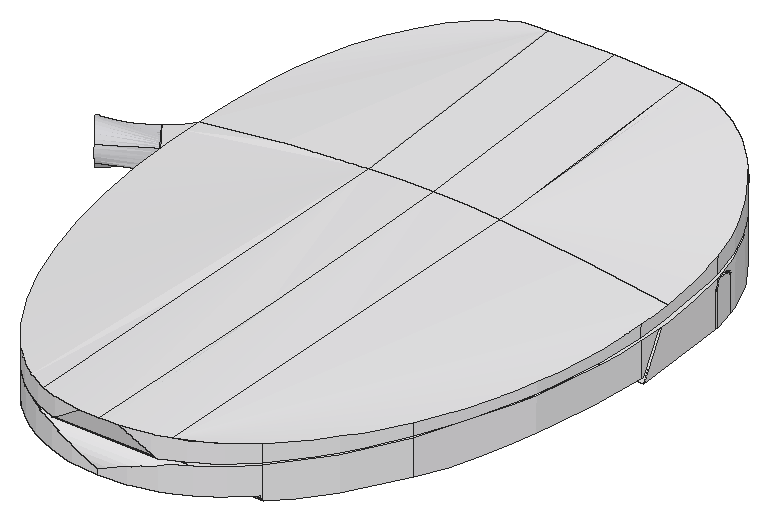
Revit family "Toilet_Seat-Elongated_Closed_Front-Cleansing-KOHLER-C3-035-K-28010K_1", category Plumbing Fixtures, host Face, Revit 2017 (continued)
Definition of nested family "K-28010K"
  Lines and regions (in)
    symbolic lines, detail levels medium+fine
      curve 99: arc (-7.18913, 0, 1.2694) -> (-7.20246, 0, 1.27487) -> (-7.21539, 0, 1.28122) r 0.21519
    symbolic lines, visible <- "Plastic Handle", detail levels medium+fine
      curve 18: line (-8.54572, -6.89127, 0) -> (-7.81485, -7.86116, 0)
      curve 21: line (0, -7.07106, 1.14961) -> (0, -7.07106, 0.6351)
      curve 100: line (-8.0374, 0, 1.14961) -> (-8.0374, 0, 0.6351)
    symbolic lines, visible <- "CP Handle", detail levels medium+fine
      curve 95: spline (0, -8.31927, 1.67246) -> (0, -8.18906, 1.65099) -> (0, -8.06773, 1.58806) -> (0, -7.96354, 1.48796) -> (0, -7.88359, 1.3575) -> (0, -7.83333, 1.20557) -> (0, -7.81619, 1.04253) -> (0, -7.83333, 0.8795) -> (0, -7.88359, 0.72757) -> (0, -7.96354, 0.59711) -> (0, -8.06773, 0.49701) -> (0, -8.18906, 0.43408) -> (0, -8.31927, 0.41261)
      curve 101: spline (-9.31162, 0, 0.4232) -> (-9.22997, 0, 0.46465) -> (-9.15597, 0, 0.53541) -> (-9.09337, 0, 0.63189) -> (-9.04536, 0, 0.7492) -> (-9.01436, 0, 0.88139) -> (-9.00196, 0, 1.02175) -> (-9.00877, 0, 1.16317) -> (-9.03445, 0, 1.29847) -> (-9.0777, 0, 1.42078) -> (-9.13633, 0, 1.52391) -> (-9.20736, 0, 1.60263) -> (-9.2872, 0, 1.65293)
  Dimensions and locks (in)
    plane 4 to level = 3 1/16"
    plane 1 "Center (Front/Back)" to plane 5 = 19 15/16"
    locked: plane 7 to plane 6 at 1.625
    locked: plane 5 to plane 1 "Center (Front/Back)" at 19.9375
    locked: plane 11 to plane 5 at 18.70079
    locked: plane 5 to plane 12 at 9.9687
    locked: plane 6 to plane 8 at 14.5
    locked: plane 7 to plane 8 at 16.125
    plane 13 to plane 5 = 15.74803"
    locked: plane 15 to plane 8 at 17.00787
    aligned and locked: plane 2 to level
